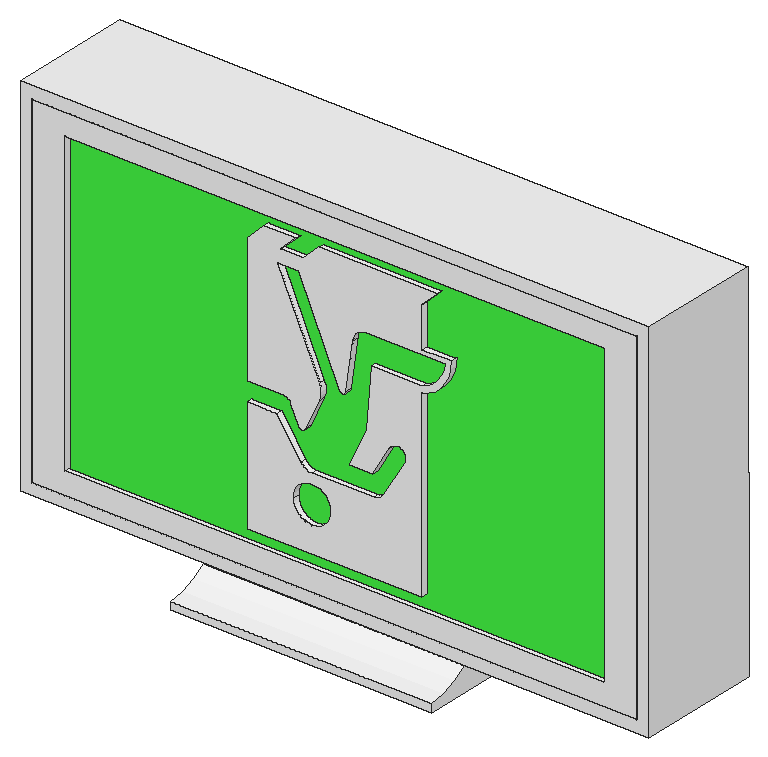
Revit family "RME-Ceiling", category Lighting Fixtures, host Face, Revit 2012
Parameters (values of type "RMEUW")
  Watts = 2.6 W
  Wattage Comments = ""
  Wattage = 2.6 W
  built-in parameter 1150110 = 1 (stored number, unit not read)
  Voltage = if(Is 120VAC, 120 V, 277 V)  # 120 V
  URL = "http://www.compasslightingproducts.com/"
  built-in parameter 1114217 = 1 (stored number, unit not read)
  Tilt Angle = -90.00°
  built-in parameter 1150109 = 1 (stored number, unit not read)
  built-in parameter 1150134 = 3
  built-in parameter 1150113 = 1 (stored number, unit not read)
  Single Face [instance] = no
  Product Page URL = "http://www.compasslightingproducts.com/products/rme"
  Product Documentation Link = "http://cdn.compasslightingproducts.com/content/products/specs/specs_files/603798_com_rme_spec_16.pdf"
  Photometric Web File = "generic"
  Panel Face Option [instance] = Face : Blank
  built-in parameter 1150142 = (empty or 0)
  Model = "RME"  # constant formula
  Manufacturer Phone = "864-678-1000"  # constant formula
  Manufacturer Fax = "866-898-0131"  # constant formula
  Manufacturer = "Compass Lighting"  # constant formula
  built-in parameter 1150105 = 30.734 (stored number, unit not read)
  Lumens = 386.209 lm
  built-in parameter 1150115 = 1 (stored number, unit not read)
  Load Classification = Lighting
  built-in parameter 1150137 = (empty or 0)
  built-in parameter 1150139 = (empty or 0)
  Lens = Hubbell - Green Glass
  built-in parameter 1150112 = 1 (stored number, unit not read)
  built-in parameter 1150114 = 1 (stored number, unit not read)
  Lamp = "LED Lamp"  # constant formula
  Is 277VAC = not(Is 120VAC)  # no
  Is 120VAC = yes
  built-in parameter 1150132 = (empty or 0)
  built-in parameter 1150102 = (empty or 0)
  built-in parameter 1150107 = 3200 (stored number, unit not read)
  built-in parameter 1150138 = (empty or 0)
  built-in parameter 1150106 = 0.30734 (stored number, unit not read)
  Finish = Hubbell - White
  Emit from Rectangle Width = 6.000"  # constant formula
  Emit from Rectangle Length = 11.000"  # constant formula
  Emit Shape Visible in Rendering = no
  built-in parameter 1150104 = 13.8 (stored number, unit not read)
  Double Face [instance] = not(Single Face)  # yes
  Dimming Lamp Color Temperature Shift = <None>
  Description = "Running Man Exit Sign"  # constant formula
  Default Elevation = 48.000"
  Color Filter = 16777215
  built-in parameter 1114218 = 1 (stored number, unit not read)
  built-in parameter 1150133 = 10 (stored number, unit not read)
  Apparent Load = Watts  # 2.6 VA
Types (3): name | Watts | Wattage | Single Face | Panel Face Option | built-in parameter 1150105 | Lumens | built-in parameter 1150106 | Double Face | Apparent Load
  RMEUW | 2.6 W | 2.6 W | no | Face : Blank | 30.734 (stored number, unit not read) | 386.209 lm | 0.30734 (stored number, unit not read) | yes | 2.6 VA
  RMEUWE | 2.2 W | 2.2 W | yes | Face : Arrow | 26.005 (stored number, unit not read) | 326.792 lm | 0.26005 (stored number, unit not read) | no | 2.2 VA
  RMEUWE-SD | 3.6 W | 3.6 W | yes | Face : Arrow | 42.554 (stored number, unit not read) | 534.751 lm | 0.42554 (stored number, unit not read) | no | 3.6 VA
Reference planes (in)
  plane 1 "Center (Front/Back)": y = 0
  plane 2: z = 0
  plane 3 "Center (Left/Right)": x = 0
  plane 4: z = 8.25
  plane 5: z = 0.5
  plane 6: x = -6.625
  plane 7: x = 6.625
  plane 8: y = 2.18
  plane 9: y = -2.18
  plane 10: z = 4.375
  plane 11: x = 2.75
  plane 12: x = -2.75
  plane 13: y = 1.31
  plane 14: y = -1.31
  plane 15: y = 1.185
  plane 16: y = -1.185
Forms (in)
  Extrusion 1, solid, material "Hubbell - White" <- "Finish"
    sketch origin (0, 0, 0) x (0, 1, 0) y (0, 0, 1)
      loop
        line (2.18, 0) -> (2.18, 0.1608)
        arc (2.18, 0.1608) -> (1.71991, 0.26606) -> (1.31, 0.5) r 1.61279
        line (1.31, 0.5) -> (-1.31, 0.5)
        arc (-1.31, 0.5) -> (-1.71991, 0.26606) -> (-2.18, 0.1608) r 1.61279
        line (-2.18, 0.1608) -> (-2.18, 0) -> (2.18, 0)
    from -2.75 to 2.75
  Extrusion 2, solid, material "Hubbell - White" <- "Finish"
    sketch origin (0, 0, 0) x (1, 0, 0) y (0, 0, 1)
      loop
        line (-6.625, 8.25) -> (-6.625, 0.5) -> (6.625, 0.5) -> (6.625, 8.25) -> (-6.625, 8.25)
      loop
        line (-6.375, 0.75) -> (6.375, 0.75) -> (6.375, 8) -> (-6.375, 8) -> (-6.375, 0.75)
    from -1.31 to 1.31
  Extrusion 3, solid, material "Hubbell - Green Glass" <- "Lens"
    sketch origin (0, 0, 0) x (1, 0, 0) y (0, 0, 1)
      loop
        line (-6.5, 8.125) -> (-6.5, 0.625) -> (6.5, 0.625) -> (6.5, 8.125) -> (-6.5, 8.125)
    from -1.185 to 1.185
  Extrusion 4, solid, material "Hubbell - White" <- "Finish", visible <- "Single Face"
    sketch origin (0, 0, 0) x (1, 0, 0) y (0, 0, 1)
      loop
        line (-6.375, 8) -> (-6.375, 0.75) -> (6.375, 0.75) -> (6.375, 8) -> (-6.375, 8)
    from 1.185 to 1.31
Lines and regions (in)
  reference lines
    curve 1: arc (0, 2.15, 0.25774) -> (0, 1.30198, 0.45316) -> (0, 0.625, 1) r 1.93772
    curve 2: arc (0, -0.625, 1) -> (0, -1.30198, 0.45316) -> (0, -2.15, 0.25774) r 1.93772
Dimensions and locks (in)
  equal spacing: plane 7, plane 3 "Center (Left/Right)", plane 6, locked at 6.625 each
  equal spacing: plane 12, plane 3 "Center (Left/Right)", plane 11
  locked: plane 12 to plane 11 at 5.5
  equal spacing: plane 8, plane 1 "Center (Front/Back)", plane 9, locked at 2.18 each
  locked: plane 5 to plane 2 at 0.5
  equal spacing: plane 13, plane 1 "Center (Front/Back)", plane 14, locked at 1.31 each
  locked: plane 4 to plane 5 at 7.75
  locked: plane 13 to plane 15 at 0.125
  locked: plane 16 to plane 14 at 0.125
  equal spacing: plane 4, plane 10, plane 5, locked at 3.875 each
  aligned and locked: plane 2 to host face
  aligned and locked: level to host face
  aligned and locked: plane 8 to Extrusion 1 sketch curve
  aligned and locked: Extrusion 1 sketch curve to plane 9
  aligned and locked: Extrusion 1 sketch curve to plane 2
  aligned and locked: plane 1 "Center (Front/Back)" to imposter light
  aligned and locked: plane 3 "Center (Left/Right)" to imposter light
  aligned and locked: Extrusion 2 sketch curve to plane 4
  aligned and locked: plane 6 to Extrusion 2 sketch curve
  aligned and locked: plane 5 to Extrusion 2 sketch curve
  aligned and locked: Extrusion 2 sketch curve to plane 7
  aligned and locked: Extrusion 2 to plane 13
  aligned and locked: Extrusion 3 to plane 15
  aligned and locked: Extrusion 3 to plane 16
  aligned and locked: nested 1 to plane 3 "Center (Left/Right)"
  aligned and locked: Extrusion 2 to plane 14
  aligned and locked: nested 1 to Extrusion 2
  aligned and locked: nested 2 to Extrusion 2
  aligned and locked: nested 2 to plane 3 "Center (Left/Right)"
  aligned and locked: Extrusion 4 sketch curve to Extrusion 2  (x4)
  aligned and locked: Extrusion 4 to plane 14
  aligned and locked: Extrusion 4 to Extrusion 3
  aligned and locked: plane 10 to imposter light
Automatic sketch dimensions
  host sketch curve to host sketch curve = 96.000"  (x2)
  Extrusion 1 sketch curve to plane 5 = 0.000"
  Extrusion 1 sketch curve to plane 14 = 0.000"
  Extrusion 1 sketch curve to plane 13 = 0.000"
  plane 9 to Extrusion 1 sketch curve = 0.12577"
  Extrusion 1 sketch curve to plane 8 = 0.12577"
  level to Extrusion 1 sketch curve = 0.1608"
  Extrusion 1 sketch curve to Extrusion 1 sketch curve = 0.1608"
  plane 6 to Extrusion 2 sketch curve = 0.250"
  Extrusion 2 sketch curve to plane 4 = 0.250"
  plane 5 to Extrusion 2 sketch curve = 0.250"
  Extrusion 2 sketch curve to plane 7 = 0.250"
  plane 6 to Extrusion 3 sketch curve = 0.125"
  Extrusion 3 sketch curve to plane 7 = 0.125"
  plane 5 to Extrusion 3 sketch curve = 0.125"
  Extrusion 3 sketch curve to plane 4 = 0.125"
Nested families (in)
  nested 1: "Face" at (0, -1.185, 4.375) x (-1, 0, 0) z (0, -1, 0), type <- "Panel Face Option", Finish <- "Finish", visible <- "Double Face", type "Blank"
    with Finish Hubbell - White
  nested 2: "Face" at (0, 1.31, 4.375) x (-1, 0, 0) z (0, -1, 0), type <- "Panel Face Option", type "Blank"
    with Finish Hubbell - White
Connectors (in)
  electrical at (0, 0, 0), driven by "Voltage", driven by "Apparent Load", driven by "Load Classification"
    settings: on Extrusion 1, index 1, voltage 120 V, apparent load 2.6 VA, apparent load phase1 0 VA, apparent load phase2 0 VA, apparent load phase3 0 VA, power factor 1, load classification "Lighting", number of poles 1, system type 30, power factor state 1, is connector primary yes, connector utility no, sub classification motor no, connector description "Lighting Connector"
Definition of nested family "Face"
  Parameters (values of type "Arrow")
    zz YesNo 2 = yes
    zz YesNo 1 = yes
    Finish [instance] = none
    Default Elevation = 48.000"
  Types (2): name | zz YesNo 2
    Blank | no
    Arrow | yes
  Reference planes (in)
    plane 1 "Center (Front/Back)": y = 0
    plane 2: z = 0
    plane 3 "Center (Left/Right)": x = 0
    plane 4: x = -6.625
    plane 5: x = 6.625
    plane 6: y = 3.875
    plane 7: y = -3.875
  Forms (in)
    Extrusion 1, solid
      sketch origin (0, 0, 0) x (1, 0, 0) y (0, 1, 0)
        loop
          line (-48, 48) -> (-48, -48) -> (48, -48) -> (48, 48) -> (-48, 48)
      from 0 to -12
    Extrusion 2, solid, material <- "Finish", visible <- "zz YesNo 1"
      sketch origin (0, 0, 0) x (1, 0, 0) y (0, 1, 0)
        loop
          line (-5.68701, 3.16612) -> (-5.68701, -3.16612) -> (5.68701, -3.16612) -> (5.68701, 3.16612) -> (-5.68701, 3.16612)
        loop
          line (-6.375, -3.625) -> (6.375, -3.625) -> (6.375, 3.625) -> (-6.375, 3.625) -> (-6.375, -3.625)
        loop
          line (-1.83928, 2.89902) -> (-1.83928, -0.95929)
          arc (-1.83928, -0.95929) -> (-2.30406, -1.25301) -> (-2.46688, -1.77816) r 0.79456
          line (-2.46688, -1.77816) -> (-1.83928, -1.77816) -> (-1.83928, -2.6125) -> (-2.1703, -2.94351) -> (0.3297, -2.94351) -> (0.64822, -2.62499) -> (1.13408, -2.62499) -> (0.81556, -2.94351) -> (1.48493, -2.94351) -> (1.83928, -2.58916) -> (1.83928, 0.11139) -> (1.07439, 0.11139)
          arc (1.07439, 0.11139) -> (0.97962, 0.13946) -> (0.91542, 0.21462) r 0.17402
          line (0.91542, 0.21462) -> (0.75496, 0.57502)
          arc (0.75496, 0.57502) -> (0.6769, 0.6257) -> (0.59887, 0.57498) r 0.08542
          line (0.59887, 0.57498) -> (0.31916, -0.05431)
          arc (0.31916, -0.05431) -> (0.28476, -0.21652) -> (0.31926, -0.37871) r 0.39905
          line (0.31926, -0.37871) -> (1.19724, -2.35068) -> (0.75585, -2.35068) -> (-0.11784, -0.38836)
          arc (-0.11784, -0.38836) -> (-0.18345, -0.35199) -> (-0.2365, -0.40504) r 0.06233
          line (-0.2365, -0.40504) -> (-0.38083, -1.43202)
          arc (-0.38083, -1.43202) -> (-0.47882, -1.61249) -> (-0.67116, -1.68441) r 0.29319
          line (-0.67116, -1.68441) -> (-2.34096, -1.68441)
          arc (-2.34096, -1.68441) -> (-2.18593, -1.30548) -> (-1.83928, -1.08765) r 0.66956
          line (-1.83928, -1.08765) -> (-0.78019, -1.08765) -> (-0.67094, 0.1611) -> (-0.32821, 0.93214) -> (-0.80274, 0.93214) -> (-1.17113, 0.31902)
          arc (-1.17113, 0.31902) -> (-1.41996, 0.25698) -> (-1.482, 0.50581) r 0.18133
          line (-1.482, 0.50581) -> (-1.03595, 1.24817)
          arc (-1.03595, 1.24817) -> (-0.94477, 1.33699) -> (-0.82166, 1.36941) r 0.25
          line (-0.82166, 1.36941) -> (0.48081, 1.36941)
          arc (0.48081, 1.36941) -> (0.61347, 1.33633) -> (0.71508, 1.24484) r 0.28258
          line (0.71508, 1.24484) -> (1.21428, 0.50474) -> (1.83928, 0.50474) -> (1.83928, 2.89902) -> (-1.83928, 2.89902)
        loop
          circle (0.47021, 1.96619) r 0.39413
      from 0 to 0.125
    Extrusion 3, solid, material <- "Finish", visible <- "zz YesNo 2"
      sketch origin (0, 0, 0) x (1, 0, 0) y (0, 1, 0)
        loop
          line (2.50696, 0.32726) -> (2.50696, -0.32726) -> (4.55637, -0.32726) -> (3.8321, -1.05153) -> (4.07353, -1.29295) -> (5.36648, 0) -> (4.07353, 1.29295) -> (3.8321, 1.05153) -> (4.55637, 0.32726) -> (2.50696, 0.32726)
      from 0 to 0.125
  Dimensions and locks (in)
    equal spacing: plane 4, plane 3 "Center (Left/Right)", plane 5
    equal spacing: plane 6, plane 1 "Center (Front/Back)", plane 7
    locked: plane 6 to plane 1 "Center (Front/Back)" at 3.875
    aligned and locked: plane 2 to Extrusion 1
    aligned and locked: level to Extrusion 1
  Automatic sketch dimensions
    Extrusion 1 sketch curve to Extrusion 1 sketch curve = 96.000"  (x2)
    plane 1 "Center (Front/Back)" to Extrusion 3 sketch curve = 0.000"
    plane 1 "Center (Front/Back)" to Extrusion 3 sketch curve = 0.32726"
    plane 3 "Center (Left/Right)" to Extrusion 3 sketch curve = 2.50696"
    Extrusion 3 sketch curve to plane 1 "Center (Front/Back)" = 1.05153"
    Extrusion 3 sketch curve to Extrusion 3 sketch curve = 1.32514"  (x2)
    plane 1 "Center (Front/Back)" to Extrusion 3 sketch curve = 1.05153"
    Extrusion 3 sketch curve to plane 1 "Center (Front/Back)" = 1.29295"
    Extrusion 3 sketch curve to Extrusion 3 sketch curve = 0.24142"
    Extrusion 3 sketch curve to plane 1 "Center (Front/Back)" = 0.32726"
    Extrusion 2 sketch curve to Extrusion 2 sketch curve = 0.000"  (x4)
    plane 4 to Extrusion 2 sketch curve = 0.250"
    Extrusion 2 sketch curve to Extrusion 2 sketch curve = 0.68799"
    Extrusion 2 sketch curve to plane 3 "Center (Left/Right)" = 2.46688"
    Extrusion 2 sketch curve to Extrusion 2 sketch curve = 0.12592"
    Extrusion 2 sketch curve to Extrusion 2 sketch curve = 0.29658"
    Extrusion 2 sketch curve to Extrusion 2 sketch curve = 0.50168"
    Extrusion 2 sketch curve to Extrusion 2 sketch curve = 0.33102"  (x2)
    Extrusion 2 sketch curve to Extrusion 2 sketch curve = 0.16586"
    Extrusion 2 sketch curve to plane 1 "Center (Front/Back)" = 0.50581"
    Extrusion 2 sketch curve to plane 3 "Center (Left/Right)" = 1.482"
    Extrusion 2 sketch curve to Extrusion 2 sketch curve = 0.15543"  (x2)
    Extrusion 2 sketch curve to Extrusion 2 sketch curve = 0.44605"
    Extrusion 2 sketch curve to Extrusion 2 sketch curve = 0.21429"
    Extrusion 2 sketch curve to Extrusion 2 sketch curve = 0.01892"
    Extrusion 2 sketch curve to plane 3 "Center (Left/Right)" = 0.78019"
    Extrusion 2 sketch curve to Extrusion 2 sketch curve = 0.10902"
    Extrusion 2 sketch curve to plane 1 "Center (Front/Back)" = 0.1611"
    Extrusion 2 sketch curve to Extrusion 2 sketch curve = 0.5002"
    Extrusion 2 sketch curve to Extrusion 2 sketch curve = 0.29033"
    Extrusion 2 sketch curve to plane 3 "Center (Left/Right)" = 0.32821"
    Extrusion 2 sketch curve to plane 3 "Center (Left/Right)" = 0.2365"
    Extrusion 2 sketch curve to Extrusion 2 sketch curve = 0.06172"
    Extrusion 2 sketch curve to Extrusion 2 sketch curve = 0.05694"
    plane 1 "Center (Front/Back)" to Extrusion 2 sketch curve = 0.05431"
    plane 3 "Center (Left/Right)" to Extrusion 2 sketch curve = 0.31916"
    plane 3 "Center (Left/Right)" to Extrusion 2 sketch curve = 0.31926"
    plane 3 "Center (Left/Right)" to Extrusion 2 sketch curve = 0.3297"
    plane 3 "Center (Left/Right)" to Extrusion 2 sketch curve = 0.47021"
    plane 3 "Center (Left/Right)" to Extrusion 2 sketch curve = 0.48081"
    Extrusion 2 sketch curve to Extrusion 2 sketch curve = 0.11807"
    Extrusion 2 sketch curve to Extrusion 2 sketch curve = 0.31853"  (x2)
    Extrusion 2 sketch curve to Extrusion 2 sketch curve = 0.07805"
    Extrusion 2 sketch curve to Extrusion 2 sketch curve = 0.36455"
    Extrusion 2 sketch curve to Extrusion 2 sketch curve = 0.23427"
    Extrusion 2 sketch curve to plane 1 "Center (Front/Back)" = 0.57502"
    Extrusion 2 sketch curve to Extrusion 2 sketch curve = 0.07803"
    Extrusion 2 sketch curve to Extrusion 2 sketch curve = 0.10762"
    Extrusion 2 sketch curve to Extrusion 2 sketch curve = 0.16734"
    Extrusion 2 sketch curve to plane 1 "Center (Front/Back)" = 0.21462"
    Extrusion 2 sketch curve to Extrusion 2 sketch curve = 0.16046"
    Extrusion 2 sketch curve to plane 1 "Center (Front/Back)" = 0.11139"
    Extrusion 2 sketch curve to Extrusion 2 sketch curve = 0.15897"
    Extrusion 2 sketch curve to Extrusion 2 sketch curve = 0.06315"
    Extrusion 2 sketch curve to Extrusion 2 sketch curve = 0.13989"
    Extrusion 2 sketch curve to Extrusion 2 sketch curve = 0.35085"
    Extrusion 2 sketch curve to Extrusion 2 sketch curve = 0.35435"  (x2)
    plane 5 to Extrusion 2 sketch curve = 0.93799"
    plane 5 to Extrusion 2 sketch curve = 0.250"
    plane 1 "Center (Front/Back)" to Extrusion 2 sketch curve = 0.2164"
    plane 1 "Center (Front/Back)" to Extrusion 2 sketch curve = 0.38836"
    Extrusion 2 sketch curve to Extrusion 2 sketch curve = 0.01668"
    plane 1 "Center (Front/Back)" to Extrusion 2 sketch curve = 0.95929"
    Extrusion 2 sketch curve to Extrusion 2 sketch curve = 0.12836"
    Extrusion 2 sketch curve to Extrusion 2 sketch curve = 0.30356"
    Extrusion 2 sketch curve to Extrusion 2 sketch curve = 0.0408"
    Extrusion 2 sketch curve to Extrusion 2 sketch curve = 0.91866"
    Extrusion 2 sketch curve to Extrusion 2 sketch curve = 0.83434"
    Extrusion 2 sketch curve to Extrusion 2 sketch curve = 0.2743"
    Extrusion 2 sketch curve to Extrusion 2 sketch curve = 0.23848"
    plane 7 to Extrusion 2 sketch curve = 0.70888"
    plane 7 to Extrusion 2 sketch curve = 0.250"
    Extrusion 2 sketch curve to plane 1 "Center (Front/Back)" = 0.31902"
    Extrusion 2 sketch curve to Extrusion 2 sketch curve = 0.03474"
    Extrusion 2 sketch curve to Extrusion 2 sketch curve = 0.61311"
    Extrusion 2 sketch curve to Extrusion 2 sketch curve = 0.51185"
    Extrusion 2 sketch curve to Extrusion 2 sketch curve = 0.18727"
    Extrusion 2 sketch curve to Extrusion 2 sketch curve = 0.15801"
    Extrusion 2 sketch curve to Extrusion 2 sketch curve = 0.59678"
    Extrusion 2 sketch curve to plane 6 = 0.97598"
    Extrusion 2 sketch curve to plane 6 = 0.70888"
    Extrusion 2 sketch curve to plane 6 = 0.250"
    Extrusion 2 sketch curve to Extrusion 2 sketch curve = 0.39335"
    radius of Extrusion 2 sketch curve = 0.39413"
